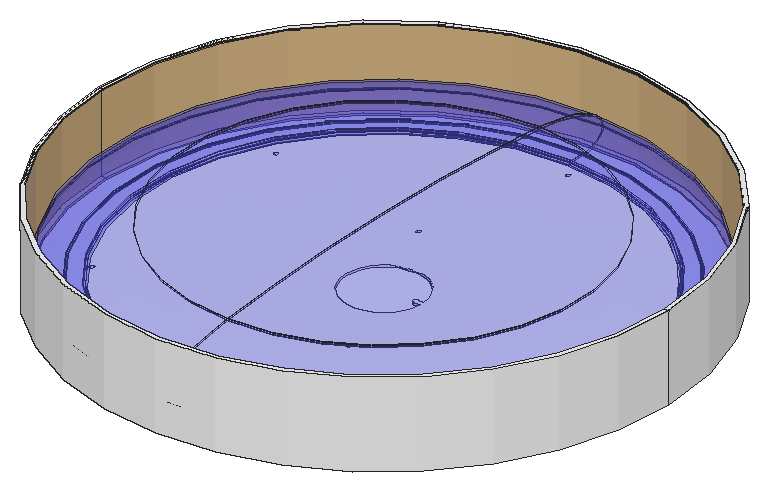
Revit family "BE_50795.4_de_DE", category Leuchten, Revit 2020
Family settings
  Basisbauteil = Fläche
  Bemaßung runder Anschluss = Durchmesser verwenden
  Teiletyp = Normal
  Beim Laden mit Abzugskörper schneiden = Ja
  Lichtquelle = Ja
  Gemeinsam genutzt = Nein
  Raumberechnungspunkt = Ja
Parameters (values of type "BEGA_50795.4_K3")
  built-in parameter 1150104 = 15.525 (stored number, unit not read)
  Wattage = 121.6 W
  Default Elevation = 0 mm
  built-in parameter 1150113 = 1 (stored number, unit not read)
  built-in parameter 1114218 = 1 (stored number, unit not read)
  Umgebungstemperatur = "25 °C"
  URL = "https://www.bega.com/de/produkt/50795.4"
  Typenkommentare = "© 2023 BEGA. Wir behalten uns das Recht vor, technische Änderungen ohne vorherige Ankündigung vorzunehmen."  # constant formula
  built-in parameter 1150134 = (empty or 0)
  built-in parameter 1150109 = 1 (stored number, unit not read)
  built-in parameter 1150110 = 1 (stored number, unit not read)
  Spannung = 239.996 V
  Sonderanfertigung = no
  Seriennummer [instance] = "Hier können Sie die eindeutige Seriennummer für das Facility Management eintragen."
  Schutzklasse = "I"
  Schutzart = "IP 20"
  Scheinlast = 0 VA
  Produktdatenblatt = "https://cdn.bega.com/bega/products/50795.4K3/current/documents/data-sheets/de"
  Neigungswinkel = 0.00°
  Modell = "50795.4K3"
  Material_34 = BEGA_Oberfläche_Samtweiss_matt
  Material_31 = BEGA_Oberfläche_Messing_matt
  Material_14 = BEGA_Kunststoff_opal
  M_W = no
  M_G = no
  M_A = no
  Logo = 0
  built-in parameter 1114217 = 1 (stored number, unit not read)
  built-in parameter 1150139 = (empty or 0)
  built-in parameter 1150105 = 1617.1 (stored number, unit not read)
  built-in parameter 1150114 = 1 (stored number, unit not read)
  Lumens = 20320.6 lm
  built-in parameter 1150115 = 1 (stored number, unit not read)
  Leuchtenlichtstrom = "15885 lm"
  Lebensdauerkriterien = "L70B50 @ 25 °C = 200000 h"
  Lastklassifizierung = Beleuchtung
  built-in parameter 1150112 = 1 (stored number, unit not read)
  Lampenlichtstrom = "20320 lm"
  Lampe = "LED 121.6 W"
  LED_Modulbezeichnung = "8 x LED-0690/930"
  Hersteller = "BEGA"  # constant formula
  Gewicht = "57.4 kg"
  Frequenz = "0/50-60 Hz"
  Farbwiedergabeindex = "CRI > 90"
  Farbtemperaturverschiebung bei Dämpfen der Lampe = <Keine Auswahl>
  Farbtemperatur = "3000 K"
  Color Filter = 16777215
  built-in parameter 1150133 = 10 (stored number, unit not read)
  Energieeffizienzklasse = "LED A++ - A"
  built-in parameter 1150137 = (empty or 0)
  built-in parameter 1150132 = (empty or 0)
  ENEC = "ja"
  Dimmbar [instance] = "DALI"
  Datei für fotometrisches Netz = "BE_50795-4K3.IES"
  CE_Konformität = "ja"
  Bestellnummer = "50795.4K3"
  Beschreibung_Sonderanfertigung = "Hier können Sie Informationen zur Sonderanfertigung eintragen."
  Beschreibung = "Großflächen-Deckenleuchte"
  built-in parameter 1150106 = 16.171 (stored number, unit not read)
  Befestigungsbohrung = "Ø 10 mm"
  Befestigungsabstand = ""
  BEGA_Intern_aus = yes
  BEGA_Intern_an = yes
  BEGA_Intern_Konstruktion = yes
  BEGA_Intern = yes
  BEGA_IES = yes
  BEGA_Dummy = no
  Anschlussleistung [instance] = "134 W"
  built-in parameter 1150107 = 3000 (stored number, unit not read)
  built-in parameter 1150102 = (empty or 0)
  built-in parameter 1150138 = (empty or 0)
  Aktualisierung = "2023-07-06T04:00:03"
  AC/DC = "AC/DC"
Reference planes
  plane 1 "Mitte (Vorne/Hinten)": y = 0
  plane 2: z = 0
  plane 3 "Mitte (Links/Rechts)": x = 0
  plane 4 "Links": x = -673.008
  plane 5 "Rechts": x = 673.009
  plane 6 "Unten": y = -672.992
  plane 7 "Oben": y = 673.003
  plane 8 "Vorne": z = 202
  plane 9 "Hinten": z = 0
Forms (mm)
  Extrusion 1, solid, material "BEGA_Platte_Weiss"
    sketch origin (0, -1119.2, 0) x (1, 0, 0) y (0, 1, 0)
      loop
        line (-200, 1319.2) -> (-200, 919.2) -> (200, 919.2) -> (200, 1319.2) -> (-200, 1319.2)
    from 0 to -10
  Extrusion 2, solid, material "BEGA_Dummy_matt", visible <- "BEGA_Dummy"
    sketch origin (77.149, -76.023, 0) x (1, 0, 0) y (0, 1, 0)
      loop
        circle (-77.149, 76.023) r 673.009
    from 0 to 202
Dimensions and locks
  plane 1 "Mitte (Vorne/Hinten)" to Extrusion 1 = 200 mm
  aligned and locked: plane 2 to Extrusion 1
  aligned and locked: level to Extrusion 1
Nested families
  nested 1: "BE_50795.4_Leuchte" at (0, 0, 0), type "BE_50795.4_Leuchte"
Connectors
  electrical at (0, 0, 0), driven by "Lastklassifizierung", driven by "Spannung", driven by "Scheinlast"
    settings: index 1, voltage 239.996 V, apparent load 0 VA, apparent load phase1 0 VA, apparent load phase2 0 VA, apparent load phase3 0 VA, power factor 1, load classification "Beleuchtung", number of poles 1, system type 31, power factor state 1, is connector primary yes, connector utility no, sub classification motor no, connector description ""
Definition of nested family "BE_50795.4_Leuchte"
  Parameters (values of type "BE_50795.4_Leuchte")
    Default Elevation = 1 mm
    URL = "http://www.bega.de/de/produkt"
    Type Comments = "© 2015 BEGA. Wir behalten uns das Recht vor, technische Änderungen ohne vorherige Ankündigung vorzunehmen. "  # constant formula
    Type Image = (empty or 0)
    Material_34 = none
    Material_31 = none
    Material_14 = none
    Länge_Platte = 1500 mm  # constant formula
    Höhe_Platte = -10 mm  # constant formula
    Manufacturer = "BEGA"  # constant formula
    Breite_Platte = 1500 mm  # constant formula
  Reference planes
    plane 1 "Mitte (Oben/Unten)": y = 0
    plane 2: z = 0
    plane 3 "Mitte (Links/Rechts)": x = 0
    plane 4: z = 202
    plane 5: y = -672.992
    plane 6: y = 673.003
    plane 7: x = 673.009
    plane 8: x = -673.008
  Forms (mm)
    Extrusion 1, solid, detail levels medium
      sketch origin (0, 0, 0) x (1, 0, 0) y (0, 1, 0)
        loop
          line (-750, 750) -> (-750, -750) -> (750, -750) -> (750, 750) -> (-750, 750)
      from 0 to -10 <- "Höhe_Platte"
    Extrusion 2, solid, material <- "Material_34"
      sketch origin (0, 0, 0) x (1, 0, 0) y (0, 1, 0)
        loop
          circle (0, 0) r 668
        loop
          arc (89.8, 6) -> (-90, 0) -> (89.8, -6) r 90
          line (89.8, -6) -> (76, -6)
          arc (76, -6) -> (70, 0) -> (76, 6) r 6
          line (76, 6) -> (89.8, 6)
        loop
          circle (-471.984, -272.5) r 5
        loop
          circle (-471.984, 272.5) r 5
        loop
          circle (0, -545) r 5
        loop
          circle (471.984, -272.5) r 5
        loop
          circle (471.984, 272.5) r 5
        loop
          circle (0, 545) r 5
        loop
          circle (-84.286, 208.616) r 5
        loop
          circle (84.286, -208.616) r 5
      from 7 to 11
    Extrusion 3, solid, material <- "Material_34"
      sketch origin (0, 0, 0) x (1, 0, 0) y (0, 1, 0)
        loop
          circle (-471.984, 272.5) r 9.85
        loop
          circle (-471.984, 272.5) r 5
        loop
          circle (-471.984, -272.5) r 9.85
        loop
          circle (-471.984, -272.5) r 5
        loop
          circle (0, -545) r 9.85
        loop
          circle (0, -545) r 5
        loop
          circle (84.286, -208.616) r 9.85
        loop
          circle (84.286, -208.616) r 5
        loop
          circle (471.984, -272.5) r 9.85
        loop
          circle (471.984, -272.5) r 5
        loop
          circle (471.984, 272.5) r 9.85
        loop
          circle (471.984, 272.5) r 5
        loop
          circle (-84.286, 208.616) r 9.85
        loop
          circle (-84.286, 208.616) r 5
        loop
          circle (0, 545) r 9.85
        loop
          circle (0, 545) r 5
      from 0 to 10.359
    Revolve 4, solid, material <- "Material_34"
      sketch origin (0, 0, 0) x (1, 0, 0) y (0, 0, 1)
        loop
          line (671, 2) -> (673, 2) -> (673, 202) -> (664, 202) -> (664, 200.25) -> (671, 200.25) -> (671, 2)
        axis (0, 2) -> (0, 202)
      angle from 0 to 360
    Revolve 5, solid, material <- "Material_31"
      sketch origin (0, 0, 0) x (1, 0, 0) y (0, 0, 1)
        loop
          line (671, 2) -> (671, 200.25) -> (664, 200.25) -> (664, 198.5) -> (669, 198.5) -> (669, 15) -> (655.7, 15) -> (655.7, 11) -> (669, 11) -> (669, 2) -> (671, 2)
        axis (0, 2) -> (0, 200.25)
      angle from 0 to 360
    Revolve 6, solid, material <- "Material_14"
      sketch origin (0, 0, 0) x (0, 1, 0) y (0, 0, 1)
        loop
          line (555.484, 35.05) -> (587.672, 35.05)
          arc (587.672, 35.05) -> (588.431, 34.9) -> (589.077, 34.473) r 2
          line (589.077, 34.473) -> (590.328, 33.222)
          arc (590.328, 33.222) -> (591.89, 32.256) -> (593.719, 32.09) r 4
          spline (593.719, 32.09) -> (601.631, 33.537) -> (609.2, 35.411) -> (616.337, 37.693) -> (622.961, 40.354) -> (628.997, 43.366) -> (634.375, 46.693) -> (639.035, 50.297) -> (642.922, 54.138) -> (645.992, 58.171) -> (648.21, 62.35) -> (649.551, 66.627) -> (650, 70.954)
          spline (650, 70.954) -> (648.553, 79.671) -> (644.225, 88.227) -> (637.053, 96.549) -> (627.099, 104.567) -> (614.446, 112.212) -> (599.202, 119.419) -> (581.498, 126.126) -> (561.484, 132.277) -> (539.331, 137.819) -> (515.226, 142.706) -> (489.376, 146.894) -> (462, 150.35)
          spline (462, 150.35) -> (429.051, 153.759) -> (394.897, 156.891) -> (359.593, 159.74) -> (323.195, 162.301) -> (285.762, 164.571) -> (247.355, 166.546) -> (208.034, 168.222) -> (167.864, 169.597) -> (126.909, 170.669) -> (85.235, 171.436) -> (42.91, 171.896) -> (0, 172.05)
          line (0, 172.05) -> (0, 167.75)
          spline (0, 167.75) -> (42.87, 167.596) -> (85.157, 167.136) -> (126.792, 166.37) -> (167.709, 165.299) -> (207.841, 163.926) -> (247.124, 162.251) -> (285.493, 160.279) -> (322.888, 158.012) -> (359.248, 155.453) -> (394.514, 152.608) -> (428.63, 149.48) -> (461.54, 146.074)
          spline (461.54, 146.074) -> (488.773, 142.638) -> (514.464, 138.474) -> (538.389, 133.623) -> (560.339, 128.133) -> (580.114, 122.056) -> (597.532, 115.457) -> (612.425, 108.414) -> (624.651, 101.033) -> (634.086, 93.439) -> (640.673, 85.807) -> (644.476, 78.308) -> (645.702, 70.954)
          spline (645.702, 70.954) -> (645.345, 67.51) -> (644.252, 64.034) -> (642.388, 60.524) -> (639.717, 57.018) -> (636.239, 53.58) -> (631.972, 50.28) -> (626.961, 47.183) -> (621.27, 44.342) -> (614.971, 41.806) -> (608.136, 39.62) -> (600.854, 37.814) -> (593.217, 36.414)
          line (593.217, 36.414) -> (592.11, 37.521)
          arc (592.11, 37.521) -> (590.126, 38.852) -> (587.789, 39.349) r 6.3
          line (587.789, 39.349) -> (555.479, 39.349)
          arc (555.479, 39.349) -> (552.32, 38.5) -> (550.013, 36.181) r 6.298
          line (550.013, 36.181) -> (546.477, 30.05) -> (551.442, 30.05) -> (553.751, 34.05)
          arc (553.751, 34.05) -> (554.484, 34.782) -> (555.484, 35.05) r 2
        axis (0, 172.05) -> (0, 30.05)
      angle from 0 to 360
  Cuts and joins
    joined: Extrusion 2, Extrusion 3
  Dimensions and locks
    equal spacing: Extrusion 1 sketch curve, plane 3 "Mitte (Links/Rechts)", Extrusion 1 sketch curve
    equal spacing: Extrusion 1 sketch curve, plane 1 "Mitte (Oben/Unten)", Extrusion 1 sketch curve
    "Länge_Platte": Extrusion 1 sketch curve to Extrusion 1 sketch curve
    "Breite_Platte": Extrusion 1 sketch curve to Extrusion 1 sketch curve
    plane 1 "Mitte (Oben/Unten)" to Extrusion 1 = 750 mm  (x3)
    aligned and locked: Extrusion 1 to plane 2
    aligned and locked: Extrusion 1 to level
  Automatic sketch dimensions
    Extrusion 2 sketch curve to Extrusion 2 sketch curve = 0 mm  (x3)
    plane 1 "Mitte (Oben/Unten)" to Extrusion 2 sketch curve = 0 mm  (x2)
    Extrusion 2 sketch curve to plane 3 "Mitte (Links/Rechts)" = 0 mm  (x3)
    plane 1 "Mitte (Oben/Unten)" to Extrusion 2 sketch curve = 6 mm
    Extrusion 2 sketch curve to Extrusion 2 sketch curve = 13.8 mm
    Extrusion 2 sketch curve to plane 3 "Mitte (Links/Rechts)" = 84.286 mm
    Extrusion 2 sketch curve to plane 3 "Mitte (Links/Rechts)" = 471.984 mm
    Extrusion 2 sketch curve to Extrusion 2 sketch curve = 387.697 mm  (x2)
    plane 3 "Mitte (Links/Rechts)" to Extrusion 2 sketch curve = 84.286 mm
    Extrusion 2 sketch curve to Extrusion 2 sketch curve = 382.184 mm
    Extrusion 2 sketch curve to Extrusion 2 sketch curve = 202.616 mm
    plane 1 "Mitte (Oben/Unten)" to Extrusion 2 sketch curve = 272.5 mm  (x2)
    Extrusion 2 sketch curve to Extrusion 2 sketch curve = 336.384 mm  (x2)
    Extrusion 2 sketch curve to plane 1 "Mitte (Oben/Unten)" = 208.616 mm
    Extrusion 2 sketch curve to plane 1 "Mitte (Oben/Unten)" = 272.5 mm  (x2)
    plane 3 "Mitte (Links/Rechts)" to Extrusion 2 sketch curve = 76 mm
    Extrusion 3 sketch curve to Extrusion 3 sketch curve = 0 mm  (x20)
    Extrusion 3 sketch curve to plane 3 "Mitte (Links/Rechts)" = 471.984 mm  (x2)
    Extrusion 3 sketch curve to plane 1 "Mitte (Oben/Unten)" = 272.5 mm  (x2)
    Extrusion 3 sketch curve to Extrusion 3 sketch curve = 5 mm  (x6)
    plane 1 "Mitte (Oben/Unten)" to Extrusion 3 sketch curve = 272.5 mm  (x2)
    Extrusion 3 sketch curve to plane 3 "Mitte (Links/Rechts)" = 0 mm  (x2)
    Extrusion 3 sketch curve to Extrusion 3 sketch curve = 272.5 mm
    Extrusion 3 sketch curve to plane 3 "Mitte (Links/Rechts)" = 5 mm  (x2)
    plane 3 "Mitte (Links/Rechts)" to Extrusion 3 sketch curve = 84.286 mm
    plane 1 "Mitte (Oben/Unten)" to Extrusion 3 sketch curve = 208.616 mm
    Extrusion 3 sketch curve to Extrusion 3 sketch curve = 382.697 mm
    plane 3 "Mitte (Links/Rechts)" to Extrusion 3 sketch curve = 471.984 mm
    Extrusion 3 sketch curve to plane 3 "Mitte (Links/Rechts)" = 84.286 mm
    Extrusion 3 sketch curve to plane 1 "Mitte (Oben/Unten)" = 208.616 mm
    Extrusion 3 sketch curve to Extrusion 3 sketch curve = 336.384 mm
    level to Revolve 4 sketch curve = 200.25 mm
    plane 3 "Mitte (Links/Rechts)" to Revolve 4 sketch curve = 664 mm
    level to Revolve 4 sketch curve = 2 mm
    Revolve 4 sketch curve to Revolve 4 sketch curve = 7 mm
    Revolve 4 sketch curve to Revolve 4 sketch curve = 1.75 mm
    Revolve 4 sketch curve to Revolve 4 sketch curve = 2 mm
    level to Revolve 5 sketch curve = 15 mm
    plane 3 "Mitte (Links/Rechts)" to Revolve 5 sketch curve = 655.7 mm
    Revolve 5 sketch curve to Revolve 5 sketch curve = 5 mm
    Revolve 5 sketch curve to Revolve 5 sketch curve = 0 mm
    Revolve 5 sketch curve to Revolve 5 sketch curve = 4 mm
    level to Revolve 5 sketch curve = 2 mm
    Revolve 5 sketch curve to Revolve 5 sketch curve = 183.5 mm
    Revolve 5 sketch curve to Revolve 5 sketch curve = 2 mm
    Revolve 5 sketch curve to Revolve 5 sketch curve = 8.3 mm
    Revolve 5 sketch curve to Revolve 5 sketch curve = 1.75 mm
    level to Revolve 6 sketch curve = 33.05 mm
    Revolve 6 sketch curve to Revolve 6 sketch curve = 2 mm
    Revolve 6 sketch curve to Revolve 6 sketch curve = 1.732 mm
    level to Revolve 6 sketch curve = 34.05 mm
    Revolve 6 sketch curve to Revolve 6 sketch curve = 0 mm  (x5)
    level to Revolve 6 sketch curve = 30.05 mm
    Revolve 6 sketch curve to Revolve 6 sketch curve = 2.309 mm
    Revolve 6 sketch curve to Revolve 6 sketch curve = 32.188 mm
    Revolve 6 sketch curve to Revolve 6 sketch curve = 4.965 mm
    Revolve 6 sketch curve to Revolve 6 sketch curve = 3.738 mm
    Revolve 6 sketch curve to Revolve 6 sketch curve = 0.005 mm
    Revolve 6 sketch curve to Revolve 6 sketch curve = 0.001 mm
    Revolve 6 sketch curve to Revolve 6 sketch curve = 0.117 mm
    Revolve 6 sketch curve to Revolve 6 sketch curve = 4.471 mm
    Revolve 6 sketch curve to Revolve 6 sketch curve = 4.321 mm
    level to Revolve 6 sketch curve = 36.414 mm
    Revolve 6 sketch curve to Revolve 6 sketch curve = 1.107 mm
    level to Revolve 6 sketch curve = 34.473 mm
    Revolve 6 sketch curve to Revolve 6 sketch curve = 1.405 mm
    Revolve 6 sketch curve to Revolve 6 sketch curve = 0.06 mm
    Revolve 6 sketch curve to Revolve 6 sketch curve = 0.365 mm
    level to Revolve 6 sketch curve = 33.222 mm
    Revolve 6 sketch curve to Revolve 6 sketch curve = 1.252 mm
    Revolve 6 sketch curve to Revolve 6 sketch curve = 3.39 mm
    Revolve 6 sketch curve to Revolve 6 sketch curve = 1.132 mm
    Revolve 6 sketch curve to Revolve 6 sketch curve = 88.013 mm
    level to Revolve 6 sketch curve = 60.767 mm
    Revolve 6 sketch curve to Revolve 6 sketch curve = 151.836 mm
    Revolve 6 sketch curve to Revolve 6 sketch curve = 16.021 mm
    Revolve 6 sketch curve to Revolve 6 sketch curve = 56.769 mm
    Revolve 6 sketch curve to Revolve 6 sketch curve = 0.014 mm
    Revolve 6 sketch curve to Revolve 6 sketch curve = 0.862 mm
    Revolve 6 sketch curve to level = 18.816 mm
    plane 1 "Mitte (Oben/Unten)" to Revolve 6 sketch curve = 319.744 mm
    level to Revolve 6 sketch curve = 37.024 mm
    level to Revolve 6 sketch curve = 167.75 mm
    Revolve 6 sketch curve to Revolve 6 sketch curve = 1.167 mm
    Revolve 6 sketch curve to Revolve 6 sketch curve = 0.46 mm
    Revolve 6 sketch curve to Revolve 6 sketch curve = 1.367 mm
    Revolve 6 sketch curve to Revolve 6 sketch curve = 3.63 mm
    Revolve 6 sketch curve to Revolve 6 sketch curve = 4.276 mm
    Revolve 6 sketch curve to plane 1 "Mitte (Oben/Unten)" = 0 mm  (x2)
    level to Revolve 6 sketch curve = 70.954 mm
    Revolve 6 sketch curve to Revolve 6 sketch curve = 4.298 mm
    Revolve 6 sketch curve to level = 609.6 mm
    Revolve 6 sketch curve to Revolve 6 sketch curve = 2171.757 mm
    radius of Extrusion 2 sketch curve = 668 mm
    radius of Extrusion 2 sketch curve = 5 mm  (x8)
    radius of Extrusion 3 sketch curve = 9.85 mm  (x8)
